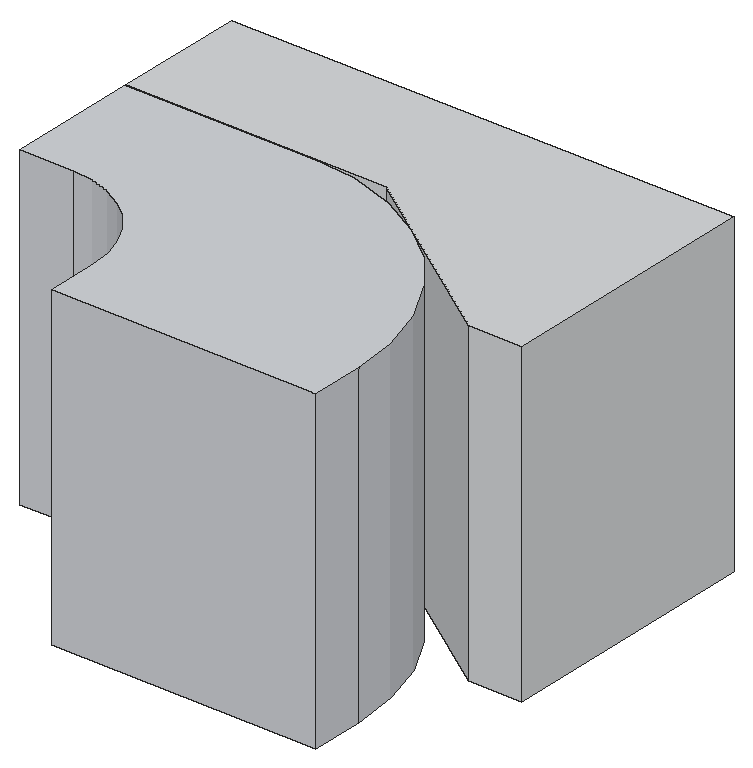
Revit family "P3 - Reduction with Rectangular Curve", category Duct Fittings, Revit 2015
Parameters (values of type "default")
  Ɛ (Roughness) = 0.03 mm
  P3 - RadiusInt (suggested) [instance] = if([P3 - B Depth] < 500 mm, 150 mm, if([P3 - B Depth] > 1000 mm, 250 mm, 200 mm))  # 200 mm
  P3 - RadiusInt (minimum) [instance] = if([P3 - RadiusInt (suggested)] > [P3 - RadiusInt (alternative)], [P3 - RadiusInt (suggested)], [P3 - RadiusInt (alternative)])  # 200 mm
  P3 - RadiusInt (alternative) [instance] = 0 mm
  P3 - Capitolato = "http://www.p3italy.it/pagine/it-capitolati"
  DeltaR2 [instance] = ([P3 - M Width_2] + [P3 - RadiusInt (minimum)] - iA2) / (1 - cos([P3 - Angle])) + 10 mm  # -257121.139 mm
  DeltaR1 [instance] = ([P3 - A Width_2] + [P3 - RadiusInt (minimum)] - iA1) / (1 - cos([P3 - Angle])) + 10 mm  # -400610.66 mm
  iA2 [instance] = if([P3 - Angle] = 90.00°, ([P3 - A Width_2] + [P3 - RadiusInt (minimum)]) / cos([P3 - Angle] - 0.10°), ([P3 - A Width_2] + [P3 - RadiusInt (minimum)]) / cos([P3 - Angle]))  # 257831.139 mm
  iA1 [instance] = if([P3 - Angle] = 90.00°, ([P3 - M Width_2] + [P3 - RadiusInt (minimum)]) / cos([P3 - Angle] - 0.10°), ([P3 - M Width_2] + [P3 - RadiusInt (minimum)]) / cos([P3 - Angle]))  # 401070.66 mm
  Case2 [instance] = if(iA2 > ([P3 - M Width_2] + [P3 - RadiusInt (minimum)]), [P3 - RadiusInt (minimum)], [P3 - RadiusInt (minimum)] + DeltaR2)  # 200 mm
  URL = "http://www.p3italy.it/"
  P3 - RadiusInt [instance] = if([P3 - A Width_2] > [P3 - M Width_2], Case1, Case2)  # 200 mm
  P3 - RadiusExt [instance] = 450 mm
  P3 - R4D [instance] = 0 mm
  P3 - R3D [instance] = 0 mm
  P3 - R2D [instance] = 0 mm
  P3 - R1D [instance] = 0 mm
  P3 - P Width_3 [instance] = 500 mm
  P3 - M Width_2 [instance] = 500 mm
  P3 - L Height_1 [instance] = 100 mm
  P3 - H Height [instance] = 948.921 mm
  P3 - G Line_3 [instance] = 100 mm
  P3 - F Line_2 [instance] = 100 mm
  P3 - E Line_1 [instance] = 100 mm
  P3 - Dos_Name = "pezzo853.dll"
  P3 - Code = 853
  P3 - C Width_1 [instance] = 500 mm
  P3 - Bending_Angle [instance] = 35.00°
  P3 - B Depth [instance] = 600 mm
  P3 - Article = "Reduction With rectangular Curve Type 2"
  P3 - Angle [instance] = 90.00°
  P3 - A Width_2 [instance] = if([P3 - Alternative A Width_2] = 0 mm, [P3 - C Width_1] / 2, [P3 - Alternative A Width_2])  # 250 mm
  Duct Width 3 start [instance] = [P3 - C Width_1] - [P3 - A Width_2]  # 250 mm
  P3 - Material = P3 - Alluminio
  P3 - Alternative A Width_2 [instance] = 0 mm
  Duct Lenght [instance] = (([P3 - M Width_2] / 2) + ([P3 - RadiusInt])) * tan([P3 - Angle] / 2)  # 450 mm
  Case1 [instance] = if(iA1 > ([P3 - A Width_2] + [P3 - RadiusInt (minimum)]), [P3 - RadiusInt (minimum)], [P3 - RadiusInt (minimum)] + DeltaR1)  # 200 mm
Reference planes
  plane 1 "Center (Front/Back)": y = 0
  plane 2: z = 0
  plane 3 "Center (Left/Right)": x = 0
  plane 4: z = 300
  plane 5: z = -300
  plane 6: x = -550
  plane 7: x = -450
  plane 8: y = 250
  plane 9: y = -250
Forms (mm)
  Extrusion 1, void
    sketch origin (0, 0, 0) x (1, 0, 0) y (0, 1, 0)
      loop
        line (-551, -250) -> (-550, -250) -> (-550, 250) -> (-551, 250) -> (-551, -250)
    from -300 to 300
  Extrusion 2, solid, material "P3 - Alluminio" <- "P3 - Material", detail levels medium+fine
    sketch origin (54.315, -70, 0) x (1, 0, 0) y (0, 1, 0)
      loop
        line (-604.315, 70) -> (-112.43, 70) -> (244.607, -180) -> (344.607, -180) -> (344.607, 320) -> (-604.315, 320) -> (-604.315, 70)
    from -300 to 300
Lines and regions (mm)
  model lines, detail levels coarse
    curve 1: line (0, 0, 0) -> (-550, 0, 0)
    curve 2: line (0, -262.081, 0) -> (0, -259.003, 0)
    curve 3: arc (0, -262.081, 0) -> (-76.762, -76.762, 0) -> (-262.081, 0, 0) r 262.081
    curve 4: line (0, -262.081, 0) -> (0, -550, 0)
    curve 5: line (398.921, 0, 0) -> (298.921, 0, 0)
    curve 6: line (298.921, 0, 0) -> (0, 0, 0)
Dimensions and locks
  equal spacing: plane 4, level, plane 5
  "P3 - B Depth": plane 4 to plane 5
  "Duct Lenght": plane 7 to plane 3 "Center (Left/Right)"
  "P3 - E Line_1": plane 6 to plane 7
  equal spacing: plane 8, plane 1 "Center (Front/Back)", plane 9
  "P3 - C Width_1": plane 8 to plane 9
  locked: Extrusion 1 sketch curve to Extrusion 1 sketch curve at 1
  "P3 - G Line_3": Extrusion 2 sketch curve to Extrusion 2 sketch curve
  "P3 - P Width_3": plane 8 to Extrusion 2 sketch curve
  "Duct Width 3 start": plane 8 to Extrusion 2 sketch curve
  "P3 - G Line_3": curve 5 to Extrusion 2
  equal spacing: plane 8, curve 5, Extrusion 2
  equal spacing: nested 1, curve 4, nested 1
  "P3 - H Height": Extrusion 1 to Extrusion 2
  "P3 - RadiusExt": radius of nested 1
  locked: nested 1 to curve 4 (angle 90.00°)
  aligned and locked: plane 3 "Center (Left/Right)" to nested 1
  aligned and locked: curve 1 to plane 1 "Center (Front/Back)"
  aligned and locked: curve 1 to plane 6
  aligned and locked: plane 9 to nested 1
  aligned and locked: Extrusion 1 sketch curve to plane 6
  aligned and locked: Extrusion 1 sketch curve to plane 9
  aligned and locked: Extrusion 1 sketch curve to plane 8
  aligned and locked: plane 6 to Extrusion 2 sketch curve
  aligned and locked: Extrusion 2 sketch curve to plane 8
  aligned and locked: Extrusion 2 sketch curve to nested 1
  aligned and locked: Extrusion 1 to plane 5
  aligned and locked: plane 4 to Extrusion 1
  aligned and locked: plane 4 to Extrusion 2
  aligned and locked: Extrusion 2 to plane 5
  aligned and locked: plane 3 "Center (Left/Right)" to curve 1
  aligned and locked: Extrusion 2 to curve 5
  aligned and locked: nested 1 to curve 4
Automatic sketch dimensions
  curve 2 to curve 2 = 3.079 mm
Nested families
  nested 1: "P3 - Rectangular Curve" at (-1500, 0, 0) x (0, -1, 0) z (0, 0, 1), Angle <- "P3 - Angle", Raggio int <- "P3 - RadiusInt", Duct Width 1 <- "P3 - A Width_2", Duct Width 2 <- "P3 - M Width_2", Duct Height <- "P3 - B Depth", Retta2 <- "P3 - F Line_2", Reduction Angle <- "P3 - Bending_Angle", Retta1 <- "P3 - E Line_1", type "Left", detail levels medium+fine
    with Ry 508.109 mm, Rx 81.382 mm, Retta3/sen(AngleRight) 550 mm, Retta2 100 mm, Retta1 100 mm, Reduction Angle 35.00°, Raggio int 200 mm, Qx 125 mm, Py 450 mm, Px 550 mm, Oy 700 mm, Ox 0 mm, Ny 700 mm, Nx 0 mm, NO 0 mm, NL 636.396 mm, NG 450 mm, My 0 mm, Mx 450 mm, Ly 250 mm, Lx 450 mm, Iy 250 mm, Ix 0 mm, Hy 700 mm, Hx 450 mm, HL 450 mm, Gy 700 mm, Gx 450 mm, Fy 700 mm, Fx 550 mm, Ey 200 mm, Ex 550 mm, Dy 200 mm, Dx 450 mm, Duct Width 2 500 mm, Duct Width 1 250 mm, Duct Lenght 450 mm, Duct Height 600 mm, Cy 0 mm, Cx 250 mm, By 100 mm, Bx 250 mm, Ay 100 mm, Ax 0 mm, Angle 90.00°
Connectors
  hvac at (-550, 0, 0), driven by "P3 - B Depth", driven by "P3 - C Width_1"
    settings: on Extrusion 1, index 8, duct flow 0.0 L/s, flow factor 0, pres drop 0.0 Pa, loss coef 0, conn angle 0.00°, conn width 500 mm, conn height 600 mm, conn diameter 609.6 mm, duct sys type 28, conn prof type 1, flow config 0, flow direction 0, loss method 0, conn ref index 9, conn util no, is conn primary yes, conn desc ""
  hvac at (398.921, 0, 0), driven by "P3 - B Depth", driven by "P3 - P Width_3"
    settings: on Extrusion 2, index 9, duct flow 0.0 L/s, flow factor 0, pres drop 0.0 Pa, loss coef 0, conn angle 0.00°, conn width 500 mm, conn height 600 mm, conn diameter 609.6 mm, duct sys type 28, conn prof type 1, flow config 0, flow direction 0, loss method 0, conn ref index 8, conn util no, is conn primary no, conn desc ""
  hvac at (0, -550, 0), driven by "P3 - B Depth", driven by "P3 - M Width_2"
    settings: on nested 1, index 10, duct flow 0.0 L/s, flow factor 0, pres drop 0.0 Pa, loss coef 0, conn angle 0.00°, conn width 500 mm, conn height 600 mm, conn diameter 609.6 mm, duct sys type 28, conn prof type 1, flow config 0, flow direction 0, loss method 0, conn ref index -1, conn util no, is conn primary no, conn desc ""
Definition of nested family "P3 - Rectangular Curve"
  Parameters (values of type "default")
    Ry [instance] = Lx * sin(Reduction Angle) + Iy  # 950 mm
    Rx [instance] = Lx - Lx * cos(Reduction Angle)  # 200.962 mm
    Reduction Angle [instance] = 30.00°
    Qx [instance] = Bx / 2  # 500 mm
    Py [instance] = Ey + (Fy - Ey) / 2  # 1100 mm
    Px [instance] = Fx + (Ex - Fx) / 2  # 1600 mm
    Oy [instance] = Gy  # 1700 mm
    Ox [instance] = 0 mm  # constant formula
    Ny [instance] = Oy - NO  # 1700 mm
    Nx [instance] = 0 mm  # constant formula
    My [instance] = 0 mm  # constant formula
    Iy [instance] = if(Duct Width 1 < Duct Width 2, Gy - NO - NG, 0 mm)  # 200 mm
    Ix [instance] = 0 mm  # constant formula
    HL [instance] = Lx  # 1500 mm
    Dy [instance] = Raggio int * sin(Angle)  # 500 mm
    Retta2 [instance] = 100 mm
    Retta3/sen(AngleRight) [instance] = (Retta2 / sin(Angle)) + (Raggio int) + (Duct Width 1)  # 1600 mm
    Dx [instance] = Duct Width 1 + Raggio int - (Raggio int * cos(Angle))  # 1500 mm
    Raggio int [instance] = 500 mm
    Retta1 [instance] = 100 mm
    NL [instance] = if(Duct Width 1 < Duct Width 2, NG / sin(Angle / 2), (Gy - NO) / sin(Angle / 2))  # 2121.32 mm
    NG [instance] = Gx / sin(Angle)  # 1500 mm
    P3 - Material = none
    Gy [instance] = (Duct Width 2 + Raggio int) * sin(Angle)  # 1700 mm
    Gx [instance] = (Duct Width 1 + Raggio int) - ((Duct Width 2 + Raggio int) * cos(Angle))  # 1500 mm
    Fy [instance] = Gy + Retta2 * cos(Angle)  # 1700 mm
    Fx [instance] = Gx + Retta2 * sin(Angle)  # 1600 mm
    Ey [instance] = Dy + Retta2 * cos(Angle)  # 500 mm
    Ex [instance] = Dx + Retta2 * sin(Angle)  # 1600 mm
    Duct Width 1 [instance] = 1000 mm
    Duct Width 2 [instance] = 1200 mm
    Mx [instance] = Duct Width 1 + Raggio int  # 1500 mm
    Duct Lenght [instance] = ((Duct Width 2 / 2) + (Raggio int)) * tan(Angle / 2)  # 1100 mm
    Duct Height [instance] = 400 mm
    Ly [instance] = Iy  # 200 mm
    Lx [instance] = NL * cos(Angle / 2)  # 1500 mm
    Cy [instance] = 0 mm  # constant formula
    Cx [instance] = Duct Width 1  # 1000 mm
    By [instance] = Retta1  # 100 mm
    Bx [instance] = Duct Width 1  # 1000 mm
    NO [instance] = NG * cos(Angle)  # 0 mm
    Hy [instance] = HL * sin(Angle) + Iy  # 1700 mm
    Ay [instance] = Retta1  # 100 mm
    Ax [instance] = 0 mm  # constant formula
    Hx [instance] = Lx - HL * cos(Angle)  # 1500 mm
    Angle [instance] = 90.00°
  Types (3, lengths in mm): name | Ry | Rx | Reduction Angle | Py | Oy | Ny | Iy | Gy | Fy | Duct Width 2 | Duct Lenght | Ly | Hy
    default | 950 | 200.962 | 30.00° | 1100 | 1700 | 1700 | 200 | 1700 | 1700 | 1200 | 1100 | 200 | 1700
    Right | 0 | 0 | 0.00° | 1000 | 1500 | 1500 | 0 | 1500 | 1500 | 1000 | 1000 | 0 | 1500
    Left | 0 | 0 | 0.00° | 1000 | 1500 | 1500 | 0 | 1500 | 1500 | 1000 | 1000 | 0 | 1500
  Reference planes
    plane 1 "Center (Front/Back)": y = 400
    plane 2: z = 0
    plane 3 "Center (Left/Right)": x = 0
    plane 4: z = 200
    plane 5: z = -200
    plane 6: x = 0
    plane 7: y = 400
    plane 8: y = 1500
  Forms (mm)
    Extrusion 1, solid, material <- "P3 - Material"
      sketch origin (0, 0, 0) x (1, 0, 0) y (0, 1, 0)
        loop
          line (0, 300) -> (1000, 300) -> (1000, 400)
          arc (1000, 400) -> (1146.447, 753.553) -> (1500, 900) r 500
          line (1500, 900) -> (1600, 900) -> (1600, 2100) -> (1500, 2100)
          arc (1500, 2100) -> (439.34, 1660.66) -> (0, 600) r 1500
          line (0, 600) -> (0, 300)
      from -200 to 200
  Lines and regions (mm)
    reference lines
      curve 1: line (1500, 600, 0) -> (200.962, 1350, 0)
      curve 2: line (633.975, 2100, 0) -> (-58.846, 900, 0)
  Dimensions and locks
    equal spacing: plane 4, level, plane 5
    "Duct Height": plane 4 to plane 5
    "Fx": plane 6 to Extrusion 1 sketch curve
    "Ex": plane 6 to Extrusion 1 sketch curve
    "Ax": plane 6 to Extrusion 1 sketch curve
    "Bx": plane 6 to Extrusion 1 sketch curve
    "Ey": Extrusion 1 sketch curve to plane 7
    "Fy": Extrusion 1 sketch curve to plane 7
    "Ay": plane 7 to Extrusion 1 sketch curve
    "By": plane 7 to Extrusion 1 sketch curve
    "Hx": plane 6 to Extrusion 1 sketch curve
    "Hy": Extrusion 1 sketch curve to plane 7
    "Iy": Extrusion 1 sketch curve to plane 7
    "Ix": plane 6 to Extrusion 1 sketch curve
    "Cy": plane 7 to Extrusion 1 sketch curve
    "Cx": plane 6 to Extrusion 1 sketch curve
    "Dx": plane 6 to Extrusion 1 sketch curve
    "Dy": Extrusion 1 sketch curve to plane 7
    locked: plane 6 to plane 3 "Center (Left/Right)" at 0
    locked: plane 1 "Center (Front/Back)" to plane 7 at 0
    "Duct Lenght": plane 1 "Center (Front/Back)" to plane 8
    "Ly": plane 1 "Center (Front/Back)" to curve 1
    "Lx": plane 6 to curve 1
    "Rx": plane 6 to curve 1
    "Ry": plane 1 "Center (Front/Back)" to curve 1
    "Ey": plane 1 "Center (Front/Back)" to curve 2
    "Fy": plane 1 "Center (Front/Back)" to curve 2
    "Lx": radius of Extrusion 1 sketch curve
    "Raggio int": radius of Extrusion 1 sketch curve
    locked: curve 1 to curve 2 (angle 90.00°)
    aligned and locked: plane 4 to Extrusion 1
    aligned and locked: Extrusion 1 to plane 5
